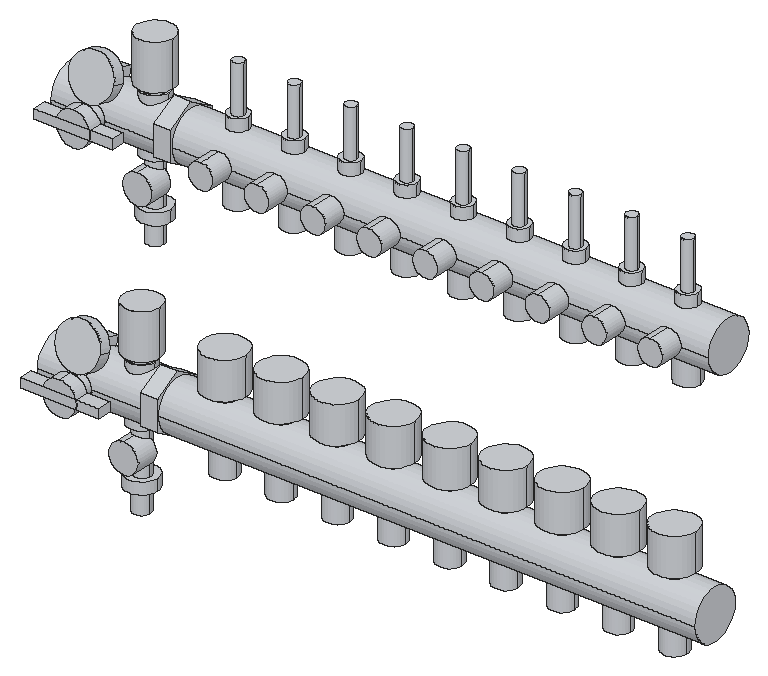
Revit family "318_f16c880827e94962872f661bd91b43", category Pipe Accessories, Revit 2017 (continued)
Connectors
  piping at (399, 0, -40), diameter 18, driven by "Flow supply 6", driven by "SBP6"
    settings: on Extrusion 123, index 7, connector inside diameter 609.6 mm, connector length 0 mm, flow factor 0, pipe flow 0.0 L/s, pressure drop 0.0 Pa, fitting loss kfactor 0, connector angle 0.00°, fixture units 0, engagement length 0 mm, angle of deflection 0.00°, flow configuration 0, flow direction 2, fitting loss method 0, system type 7, joint type 0, gender type 0, connector reference index -1, connector utility 0, adjustable connector no, is connector primary no, connector description "Branch_1_6"
  piping at (449, 0, -40), diameter 18, driven by "Flow supply 7", driven by "SBP7"
    settings: on Extrusion 122, index 8, connector inside diameter 609.6 mm, connector length 0 mm, flow factor 0, pipe flow 0.0 L/s, pressure drop 0.0 Pa, fitting loss kfactor 0, connector angle 0.00°, fixture units 0, engagement length 0 mm, angle of deflection 0.00°, flow configuration 0, flow direction 2, fitting loss method 0, system type 7, joint type 0, gender type 0, connector reference index -1, connector utility 0, adjustable connector no, is connector primary no, connector description "Branch_1_7"
  piping at (499, 0, -40), diameter 18, driven by "Flow supply 8", driven by "SBP8"
    settings: on Extrusion 120, index 9, connector inside diameter 609.6 mm, connector length 0 mm, flow factor 0, pipe flow 0.0 L/s, pressure drop 0.0 Pa, fitting loss kfactor 0, connector angle 0.00°, fixture units 0, engagement length 0 mm, angle of deflection 0.00°, flow configuration 0, flow direction 2, fitting loss method 0, system type 7, joint type 0, gender type 0, connector reference index -1, connector utility 0, adjustable connector no, is connector primary no, connector description "Branch_1_8"
  piping at (549, 0, -40), diameter 18, driven by "Flow supply 9", driven by "SBP9"
    settings: on Extrusion 121, index 10, connector inside diameter 609.6 mm, connector length 0 mm, flow factor 0, pipe flow 0.0 L/s, pressure drop 0.0 Pa, fitting loss kfactor 0, connector angle 0.00°, fixture units 0, engagement length 0 mm, angle of deflection 0.00°, flow configuration 0, flow direction 2, fitting loss method 0, system type 7, joint type 0, gender type 0, connector reference index -1, connector utility 0, adjustable connector no, is connector primary no, connector description "Branch_1_9"
  piping at (0, -15, -208), diameter 25, driven by "Flow return main", driven by "RMP"
    settings: on Extrusion 128, index 11, connector inside diameter 609.6 mm, connector length 0 mm, flow factor 0, pipe flow 0.0 L/s, pressure drop 0.0 Pa, fitting loss kfactor 0, connector angle 0.00°, fixture units 0, engagement length 0 mm, angle of deflection 0.00°, flow configuration 1, flow direction 2, fitting loss method 0, system type 8, joint type 0, gender type 0, connector reference index -1, connector utility 0, adjustable connector no, is connector primary no, connector description "Main_2_1"
  piping at (149, -15, -248), diameter 18, driven by "Flow return 1", driven by "RBP1"
    settings: on Extrusion 118, index 12, connector inside diameter 609.6 mm, connector length 0 mm, flow factor 0, pipe flow 0.0 L/s, pressure drop 0.0 Pa, fitting loss kfactor 0, connector angle 0.00°, fixture units 0, engagement length 0 mm, angle of deflection 0.00°, flow configuration 0, flow direction 1, fitting loss method 0, system type 8, joint type 0, gender type 0, connector reference index -1, connector utility 0, adjustable connector no, is connector primary no, connector description "Branch_2_1"
  piping at (199, -15, -248), diameter 18, driven by "Flow return 2", driven by "RBP2"
    settings: on Extrusion 117, index 13, connector inside diameter 609.6 mm, connector length 0 mm, flow factor 0, pipe flow 0.0 L/s, pressure drop 0.0 Pa, fitting loss kfactor 0, connector angle 0.00°, fixture units 0, engagement length 0 mm, angle of deflection 0.00°, flow configuration 0, flow direction 1, fitting loss method 0, system type 8, joint type 0, gender type 0, connector reference index -1, connector utility 0, adjustable connector no, is connector primary no, connector description "Branch_2_2"
  piping at (249, -15, -248), diameter 18, driven by "Flow return 3", driven by "RBP3"
    settings: on Extrusion 119, index 14, connector inside diameter 609.6 mm, connector length 0 mm, flow factor 0, pipe flow 0.0 L/s, pressure drop 0.0 Pa, fitting loss kfactor 0, connector angle 0.00°, fixture units 0, engagement length 0 mm, angle of deflection 0.00°, flow configuration 0, flow direction 1, fitting loss method 0, system type 8, joint type 0, gender type 0, connector reference index -1, connector utility 0, adjustable connector no, is connector primary no, connector description "Branch_2_3"
  piping at (299, -15, -248), diameter 18, driven by "Flow return 4", driven by "RBP4"
    settings: on Extrusion 116, index 15, connector inside diameter 609.6 mm, connector length 0 mm, flow factor 0, pipe flow 0.0 L/s, pressure drop 0.0 Pa, fitting loss kfactor 0, connector angle 0.00°, fixture units 0, engagement length 0 mm, angle of deflection 0.00°, flow configuration 0, flow direction 1, fitting loss method 0, system type 8, joint type 0, gender type 0, connector reference index -1, connector utility 0, adjustable connector no, is connector primary no, connector description "Branch_2_4"
  piping at (349, -15, -248), diameter 18, driven by "Flow return 5", driven by "RBP5"
    settings: on Extrusion 115, index 16, connector inside diameter 609.6 mm, connector length 0 mm, flow factor 0, pipe flow 0.0 L/s, pressure drop 0.0 Pa, fitting loss kfactor 0, connector angle 0.00°, fixture units 0, engagement length 0 mm, angle of deflection 0.00°, flow configuration 0, flow direction 1, fitting loss method 0, system type 8, joint type 0, gender type 0, connector reference index -1, connector utility 0, adjustable connector no, is connector primary no, connector description "Branch_2_5"
  piping at (399, -15, -248), diameter 18, driven by "Flow return 6", driven by "RBP6"
    settings: on Extrusion 114, index 17, connector inside diameter 609.6 mm, connector length 0 mm, flow factor 0, pipe flow 0.0 L/s, pressure drop 0.0 Pa, fitting loss kfactor 0, connector angle 0.00°, fixture units 0, engagement length 0 mm, angle of deflection 0.00°, flow configuration 0, flow direction 1, fitting loss method 0, system type 8, joint type 0, gender type 0, connector reference index -1, connector utility 0, adjustable connector no, is connector primary no, connector description "Branch_2_6"
  piping at (449, -15, -248), diameter 18, driven by "Flow return 7", driven by "RBP7"
    settings: on Extrusion 113, index 18, connector inside diameter 609.6 mm, connector length 0 mm, flow factor 0, pipe flow 0.0 L/s, pressure drop 0.0 Pa, fitting loss kfactor 0, connector angle 0.00°, fixture units 0, engagement length 0 mm, angle of deflection 0.00°, flow configuration 0, flow direction 1, fitting loss method 0, system type 8, joint type 0, gender type 0, connector reference index -1, connector utility 0, adjustable connector no, is connector primary no, connector description "Branch_2_7"
  piping at (499, -15, -248), diameter 18, driven by "Flow return 8", driven by "RBP8"
    settings: on Extrusion 111, index 19, connector inside diameter 609.6 mm, connector length 0 mm, flow factor 0, pipe flow 0.0 L/s, pressure drop 0.0 Pa, fitting loss kfactor 0, connector angle 0.00°, fixture units 0, engagement length 0 mm, angle of deflection 0.00°, flow configuration 0, flow direction 1, fitting loss method 0, system type 8, joint type 0, gender type 0, connector reference index -1, connector utility 0, adjustable connector no, is connector primary no, connector description "Branch_2_8"
  piping at (549, -15, -248), diameter 18, driven by "Flow return 9", driven by "RBP9"
    settings: on Extrusion 112, index 20, connector inside diameter 609.6 mm, connector length 0 mm, flow factor 0, pipe flow 0.0 L/s, pressure drop 0.0 Pa, fitting loss kfactor 0, connector angle 0.00°, fixture units 0, engagement length 0 mm, angle of deflection 0.00°, flow configuration 0, flow direction 1, fitting loss method 0, system type 8, joint type 0, gender type 0, connector reference index -1, connector utility 0, adjustable connector no, is connector primary no, connector description "Branch_2_9"
